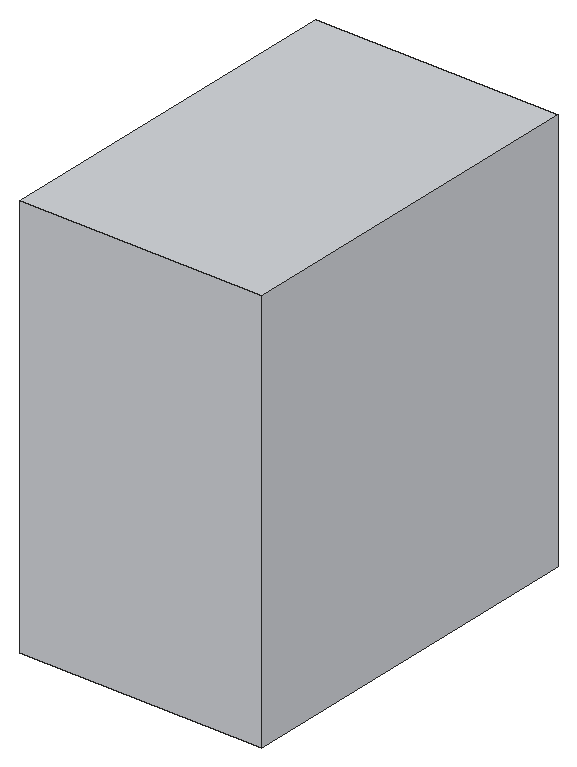
Revit family
Parameters
  Warranty Duration (Years) = 0
  Unit Width [instance] = 1' - 5 1/4"
  Unit Height [instance] = 4' - 8"
  Unit Depth = 0' - 0 1/4"
  URL = "http://www.americanspecialties.com/viewCategories.cfm"
  Trim Material = Metal - Stainless Steel
  Test Data = ""
  Specification = "http://www.arcat.com/sdspecs/htm/10810asi.htm"
  SpecWizard = ""
  Send Message = "http://www.arcat.com/users.pl?action=UserEmail&company=American%20Specialties,%20Inc.&coid=30448&rep=139&fax=914-476-0688&mf="
  Sales Information = "http://www.americanspecialties.com/contact"
  Revision = "R1_10-2010"
  Product Properties = "http://www.americanspecialties.com/datasheets/0469-9.pdf"
  Product Data = "http://www.arcat.com/arcatcos/cos30/arc30448.html"
  Model = "As Specified in 10 28 13"
  Manufacturer Website = "http://www.americanspecialties.com/viewCategories.cfm"
  Manufacturer Phone - Toll Free = ""
  Manufacturer Phone = "914-476-9000 "
  Manufacturer Fax = "914-476-0688"
  Manufacturer Address = "441 Saw Mill River Rd., Yonkers, NY 10701"
  Manufacturer = "American Specialties, Inc."
  Maintenance Schedule (Months) = 0
  Keynote = "10 28 13"
  Installation-Fabrication = "http://www.americanspecialties.com/products.cfm"
  Green Building-LEED = ""
  Expected Lifespan (Years) = 0
  Drawn By = "Robert S. Weygant. CSI, CDT, SCIP"  # constant formula
  Description = "Toilet Accessory as Specified in 10 28 13"
  Default Elevation = 4' - 0"
  Copyright = "©Arcat Inc."
  Construction Details = "http://www.arcat.com/green/clients/leed_data_30448.html"
  Building Codes = "http://www.americanspecialties.com/products.cfm"
  Body Material = Metal - Stainless Steel
  Assembly Code = "C1030210"
Reference planes (in)
  plane 1 "Center (Front/Back)": y = -0.29112
  plane 2 "Floor Line": z = 0
  plane 3 "Center (Left/Right)": x = -0.65843
Forms (in)
  Extrusion 1, solid
    sketch origin (-3, -9, -6) x (0, 0, -1) y (1, 0, 0)
      loop
        line (-82, 26) -> (-82, -19.34712) -> (-6, -19.34712) -> (-6, 26) -> (-82, 26)
    from 28.29112 to -41.06337
  Extrusion 2, solid, material "Metal - Stainless Steel" <- "Body Material"
    sketch origin (0, 4, 4) x (1, 0, 0) y (0, 1, 0)
      loop
        line (-8.28343, 22.70888) -> (-8.28343, -31.29112) -> (6.96657, -31.29112) -> (6.96657, 22.70888) -> (-8.28343, 22.70888)
    from 0 to -4
  Extrusion 3, solid, material "Metal - Stainless Steel" <- "Body Material"
    sketch origin (-0.90625, -0.29112, 4) x (1, 0, 0) y (0, 0, 1)
      loop
        line (-8.37718, 0) -> (8.87282, 0) -> (8.87282, 0.5) -> (-8.37718, 0.5) -> (-8.37718, 0)
    from -28 to 28
  Extrusion 4, void
    sketch origin (-0.65843, 6.99967, 4) x (0, 1, 0) y (0, 0, 1)
      loop
        line (0.06233, -3.92367) -> (2.70888, 0) -> (2.70888, 0.9375) -> (-11.29079, 0.9375) -> (-11.29079, -3.92367)
        arc (-11.29079, -3.92367) -> (-10.04971, -3.43623) -> (-8.80863, -3.92367) r 1.82368
        line (-8.80863, -3.92367) -> (0.06233, -3.92367)
    from -7.59375 to 7.59375
  Extrusion 5, void
    sketch origin (-36.75, 1.71773, 8.52368) x (1, 0, 0) y (0, 0.559193, 0.829038)
      loop
        arc (36.9789, -1.93171) -> (37.15918, -1.6799) -> (36.96663, -1.43734) r 0.25717
        line (36.96663, -1.43734) -> (36.21387, -1.43734)
        arc (36.21387, -1.43734) -> (33.33353, -0.76588) -> (30.45405, -1.44101) r 6.49582
        line (30.45405, -1.44101) -> (29.69611, -1.44101)
        arc (29.69611, -1.44101) -> (29.51617, -1.68772) -> (29.69972, -1.93175) r 0.25651
        line (29.69972, -1.93175) -> (30.47907, -1.93175)
        arc (30.47907, -1.93175) -> (33.3416, -2.19917) -> (36.20414, -1.93171) r 15.453
        line (36.20414, -1.93171) -> (36.9789, -1.93171)
    from -9.32112 to -9.1543
  Extrusion 6, solid, material "Metal - Stainless Steel" <- "Trim Material"
    sketch origin (-1.125, 0, 3.5625) x (1, 0, 0) y (0, 1, 0)
      loop
        circle (-5.15843, 17.70888) r 0.5
      loop
        line (-5.21525, 17.29024) -> (-5.10162, 17.29024) -> (-5.10162, 18.13975) -> (-5.21525, 18.13975) -> (-5.21525, 17.29024)
    from 0.9375 to 1
  Extrusion 7, solid, material "Metal - Stainless Steel" <- "Body Material"
    sketch origin (0, 0, 4) x (1, 0, 0) y (0, 1, 0)
      loop
        line (-8.28343, 26.70888) -> (-8.28343, 9.70856) -> (6.96657, 9.70856) -> (6.96657, 26.70888) -> (-8.28343, 26.70888)
    from 0 to 0.5
  Extrusion 8, solid, material "Metal - Stainless Steel" <- "Body Material"
    sketch origin (0, 4, 8.5) x (1, 0, 0) y (0, 1, 0)
      loop
        line (-8.28343, -8.29112) -> (-8.28343, -31.29112) -> (6.96657, -31.29112) -> (6.96657, -8.29112) -> (-8.28343, -8.29112)
    from 0 to -8.5
  Extrusion 9, solid
    sketch origin (0, -0.31703, 4.18195) x (1, 0, 0) y (0, 1, 0)
      loop
        circle (-0.65843, -2.73301) r 0.5
      loop
        line (-0.71525, -2.31436) -> (-0.71525, -3.16387) -> (-0.60162, -3.16387) -> (-0.60162, -2.31436) -> (-0.71525, -2.31436)
    from -3.73508 to -3.41965
  Extrusion 10, solid, material "Metal - Stainless Steel" <- "Body Material"
    sketch origin (0, 0, 2) x (1, 0, 0) y (0, 1, 0)
      loop
        line (-9.28343, 27.70888) -> (-9.28343, -28.29112) -> (7.96657, -28.29112) -> (7.96657, 27.70888) -> (-9.28343, 27.70888)
      loop
        line (-8.28343, 26.70888) -> (-8.28343, -27.29112) -> (6.96657, -27.29112) -> (6.96657, 26.70888) -> (-8.28343, 26.70888)
    from -2 to 2
  Extrusion 11, void
    sketch origin (0, 0, 0) x (1, 0, 0) y (0, 1, 0)
      loop
        line (-8.25218, -4.29112) -> (-8.25218, -27.27566) -> (6.93532, -27.27566) -> (6.93532, -4.29112) -> (-8.25218, -4.29112)
    from 0.02283 to 8.38257
Cuts and joins
  Extrusion 4, Extrusion 5, Extrusion 11 cuts Extrusion 2
  Extrusion 4, Extrusion 11 cuts Extrusion 3
  Extrusion 4 cuts Extrusion 7
  Extrusion 4, Extrusion 11 cuts Extrusion 8
  Extrusion 4, Extrusion 11 cuts Extrusion 10
Dimensions and locks (in)
  Extrusion 3 sketch curve to Extrusion 3 sketch curve = 1' - 5 1/4"
  aligned and locked: Extrusion 1 to level
